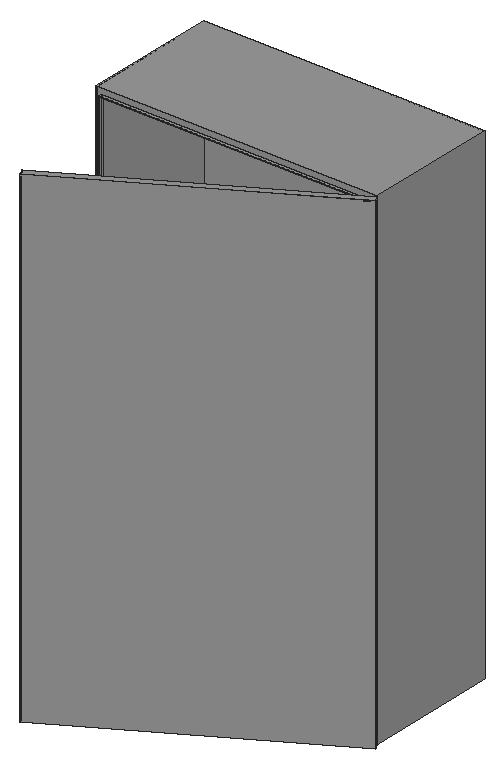
Revit family "Hager-Univers-IP55-D400-H1400-Cl.I-Steel_encl-NoHosted-CH-en", category Equipement électrique, Revit 2020
Family settings
  Configuration du panneau = Deux colonnes, circuits au sein
  Cote de connecteur circulaire = Utiliser le diamètre
  Type d'élément = Tableau de raccordement
  Basée sur le plan de construction = Oui
  Toujours verticalement = Oui
  Couper avec des vides une fois chargée = Non
  Partagée = Non
  Point de calcul de pièce = Non
Parameters (values of type "Surface mounted (plaster) IP55 W800 H1400 D400  - FR93G")
  Width Control [instance] = if([EF000008 - Width] > Min Width, [EF000008 - Width], Min Width)  # 800 mm
  Commentaires du type = [HG000003 - Range]  # "Univers"
  Thickness Door [instance] = if([EF009171 - Material plate thickness door/cover] > 3 mm, 3 mm, [EF009171 - Material plate thickness door/cover])  # 1.5 mm
  Seal Frame Offset [instance] = 17 mm  # constant formula
  Plinth Visibility [instance] = [HG000027 - Plinth height] > 0 mm  # no
  Min Width [instance] = 100 mm  # constant formula
  Min Depth [instance] = (2 * [EF009170 - Material plate thickness cabinet]) + 1 mm  # 4 mm
  Min Height [instance] = 100 mm  # constant formula
  Internal Frame Depth [instance] = (Door System Depth * 0.5)  # 9 mm
  Panel Name [instance] = ""  # (empty or 0)
  Model = ""
  HG000027 - Plinth height = 0 mm
  HG000026 - Floor standing = no
  HG000024 - Bottom section height = 600 mm
  HG000023 - Double section enclosure = no
  HG000016 - Door 3d visibility [instance] = yes
  HG000015 - Clearance visibility [instance] = no
  HG000014 - Door on the right [instance] = yes
  HG000013 - Door on the left [instance] = not([HG000014 - Door on the right])  # no
  HG000012 - Door swing angle [instance] = 30.00°
  HG000010 - Asymmetric doors = no
  HG000009 - Double swing door = no
  HG000006 - Flush mounted = no
  HG000004 - Manufacturer reference = "FR93G"
  HG000003 - Range = "Univers"
  HG000002 - With door or cover = yes
  Frame Offset Bottom [instance] = 10 mm  # constant formula
  Frame Offset [instance] = 15 mm  # constant formula
  EF015940 - Cover with overpressure release = no
  EF011959 - Degree of protection (NEMA) = ""
  EF009554 - Number of openings for flange plates = 6
  EF009212 - Cover model = "EV000116 - Closed"
  EF009171 - Material plate thickness door/cover = 1.5 mm
  EF009170 - Material plate thickness cabinet = 1.5 mm
  EF008873 - Nominal current (In) = 800 A
  EF007800 - Suitable for lightning protection = no
  EF006306 - With lock = no
  EF006244 - Transparent cover/door = no
  EF005474 - Degree of protection (IP) = "EV006420 - IP55"
  EF004464 - Type of door = "EV002646 - Single"
  EF004427 - Number of modules = 324
  EF004293 - Impact strength = "EV008784 - IK10"
  EF003532 - Suitable for outdoor use = no
  EF002950 - Width in number of modular spacings = 24
  EF001613 - Circuit integrity = "EV000494 - None"
  EF001596 - Material housing = "EV000179 - Steel"
  EF001131 - Internal depth = 400 mm
  EF001088 - Extension possible = yes
  EF000437 - Number of conduit inlets = 6
  EF000339 - Type of cover = "EV004216 - Door"
  EF000266 - Number of rows = 9
  EF000218 - Built-in depth = 0 mm
  EF000118 - With mounting plate = no
  EF000116 - RAL-number = "7035"
  EF000049 - Depth = 400 mm
  EF000040 - Height = 1400 mm
  EF000008 - Width = 800 mm
  EF000007 - Colour = "EV000270 - Grey"
  EF000003 - Mounting method = "EV000384 - Surface mounted (plaster)"
  Door System Leaf Tolerance [instance] = 1.5 mm  # constant formula
  Door System Depth [instance] = 18 mm  # constant formula
  Door Height [instance] = Height Control - [HG000027 - Plinth height]  # 1400 mm
  Description = ""
  Default Elevation = 1219.2 mm
  Connector Offset [instance] = Height Control / 2  # 700 mm
  Fabricant = "Hager"  # constant formula
  Height Control [instance] = if([EF000040 - Height] > Min Height, [EF000040 - Height], Min Height)  # 1400 mm
  Depth Control [instance] = if([EF000049 - Depth] > Min Depth, [EF000049 - Depth], Min Depth)  # 400 mm
  Bottom Top Plate Trim [instance] = 1.5 mm  # constant formula
  Plinth height Ctrl [instance] = if([HG000027 - Plinth height] > 0 mm, [HG000027 - Plinth height], 12 mm)  # 12 mm
Types (3, lengths in mm): name | Width Control | HG000009 - Double swing door | HG000004 - Manufacturer reference | EF009554 - Number of openings for flange plates | EF004464 - Type of door | EF004427 - Number of modules | EF000437 - Number of conduit inlets | EF000008 - Width
  Surface mounted (plaster) IP55 W1050 H1400 D400  - FR94G | 1050 | yes | "FR94G" | 8 | "EV003602 - Double" | 432 | 8 | 1050
  Surface mounted (plaster) IP55 W550 H1400 D400  - FR92G | 550 | no | "FR92G" | 4 | "EV002646 - Single" | 216 | 4 | 550
  Surface mounted (plaster) IP55 W800 H1400 D400  - FR93G | 800 | no | "FR93G" | 6 | "EV002646 - Single" | 324 | 6 | 800
Reference planes
  plane 1 "Center (Front/Back)": y = 0
  plane 2: z = 0
  plane 3 "Center (Left/Right)": x = 0
  plane 4: y = 0
  plane 5: y = 0
  plane 6: z = 0
  plane 7: x = -400
  plane 8: x = 400
  plane 9: x = 398.5
  plane 10: x = -398.5
  plane 11: z = 0
  plane 12: z = 1.5
  plane 13: y = -400
  plane 14: y = -1.5
  plane 15: x = 0
  plane 16: y = -382
  plane 17: y = -398.5
  plane 18: y = -380.5
  plane 19: x = -383.5
  plane 20: x = 383.5
  plane 21: z = 11.5
  plane 22: x = -383
  plane 23: x = 383
  plane 24: z = 0
  plane 25: z = 1400
  plane 26: z = 1400
  plane 27: z = 1383.5
  plane 28: z = 1398.5
Forms (mm)
  Extrusion 1, solid, material "Hager_Steel_RAL7035_Light_Grey", detail levels medium+fine
    sketch origin (-208.679, -4572, 0) x (-1, 0, 0) y (0, -1, 0)
      loop
        line (191.321, -4190) -> (-608.679, -4190) -> (-608.679, -4572) -> (191.321, -4572) -> (191.321, -4190)
    from 0 to 1400
  Extrusion 2, void
    sketch origin (-350.771, -400, 1219.2) x (1, 0, 0) y (0, 0, 1)
      loop
        line (-47.729, 179.3) -> (-47.729, -1217.7) -> (749.271, -1217.7) -> (749.271, 179.3) -> (-47.729, 179.3)
    from -19.5 to -398.5
  Extrusion 3, void
    sketch origin (-290.084, -382, 1219.2) x (1, 0, 0) y (0, 0, 1)
      loop
        line (-93.416, -1207.7) -> (673.584, -1207.7) -> (673.584, 164.3) -> (-93.416, 164.3) -> (-93.416, -1207.7)
    from 0 to -1.5
  Extrusion 4, solid, material "Hager_Steel_RAL7035_Light_Grey", visible <- "Plinth Visibility", detail levels medium+fine
    sketch origin (0, 0, 0) x (1, 0, 0) y (0, 1, 0)
      loop
        line (-400, 0) -> (-400, -382) -> (400, -382) -> (400, 0) -> (-400, 0)
    from 0 to 12 <- "Plinth height Ctrl"
  Extrusion 5, solid, material "Hager_Steel_RAL7035_Light_Grey", detail levels coarse
    sketch origin (0, 0, 0) x (1, 0, 0) y (0, 1, 0)
      loop
        line (-400, 0) -> (-400, -400) -> (400, -400) -> (400, 0) -> (-400, 0)
    from 0 to 1400 <- "Height Control"
  Sweep 6, void
    path in 3D
      loop
        line (-400, -382, 12) -> (400, -382, 12) -> (400, 0, 12) -> (-400, 0, 12) -> (-400, -382, 12)
    profile origin (-400, -191, 12) x (1, 0, 0) y (0, 0, 1)
      loop
        line (0, 0) -> (0, -1.5) -> (1.5, -1.5)
        arc (1.5, -1.5) -> (1.061, -0.439) -> (0, 0) r 1.5
  Extrusion 7, solid, material "Hager_Steel_RAL7035_Light_Grey", detail levels fine
    sketch origin (-400, -382, 0) x (1, 0, 0) y (0, 0, 1)
      loop
        line (16.5, 11.5) -> (783.5, 11.5) -> (783.5, 1383.5) -> (16.5, 1383.5) -> (16.5, 11.5)
      loop
        line (15, 10) -> (785, 10) -> (785, 1385) -> (15, 1385) -> (15, 10)
    from 0 to 9 <- "Internal Frame Depth"
Cuts and joins
  Extrusion 2, Extrusion 3 cuts Extrusion 1
  Sweep 6 cuts Extrusion 4
Lines and regions (mm)
  Masking region 1
    outline origin (0, 0, 0) x (1, 0, 0) y (0, 1, 0)
      loop
        line (-400, 0) -> (-400, -400) -> (400, -400) -> (400, 0) -> (-400, 0)
  Masking region 2, detail levels coarse
    outline origin (-290.084, -382, 1219.2) x (-1, 0, 0) y (0, 0, 1)
      loop
        line (-690.084, -1219.2) -> (109.916, -1219.2) -> (109.916, 180.8) -> (-690.084, 180.8) -> (-690.084, -1219.2)
  Masking region 3, detail levels coarse
    outline origin (0, 0, 0) x (0, 1, 0) y (0, 0, 1)
      loop
        line (0, 0) -> (0, 1400) -> (-400, 1400) -> (-400, 0) -> (0, 0)
  Masking region 4, visible <- "Plinth Visibility", detail levels medium+fine
    outline origin (0, 0, 0) x (0, 1, 0) y (0, 0, 1)
      loop
        line (-1.5, 12) -> (-380.5, 12)
        arc (-380.5, 12) -> (-380.939, 10.939) -> (-382, 10.5) r 1.5
        line (-382, 10.5) -> (-382, 0) -> (0, 0) -> (0, 10.5)
        arc (0, 10.5) -> (-1.061, 10.939) -> (-1.5, 12) r 1.5
  Masking region 5, detail levels medium+fine
    outline origin (0, 0, 594.038) x (0, 1, 0) y (0, 0, 1)
      loop
        line (0, -594.038) -> (0, 805.962) -> (-382, 805.962) -> (-382, -594.038) -> (0, -594.038)
  Masking region 6, detail levels medium+fine
    outline origin (-359.7, -382, 1211.883) x (-1, 0, 0) y (0, 0, 1)
      loop
        line (-759.7, -1211.883) -> (40.3, -1211.883) -> (40.3, 188.117) -> (-759.7, 188.117) -> (-759.7, -1211.883)
  Masking region 7, visible <- "Plinth Visibility", detail levels medium+fine
    outline origin (-320.334, -382, 1041.368) x (-1, 0, 0) y (0, 0, 1)
      loop
        line (-720.334, -1041.368) -> (79.666, -1041.368) -> (79.666, -1030.868)
        arc (79.666, -1030.868) -> (78.606, -1030.429) -> (78.166, -1029.368) r 1.5
        line (78.166, -1029.368) -> (-718.834, -1029.368)
        arc (-718.834, -1029.368) -> (-719.273, -1030.429) -> (-720.334, -1030.868) r 1.5
        line (-720.334, -1030.868) -> (-720.334, -1041.368)
  sketch lines
    curve 1: line (-400, 0, 12) -> (-400, -382, 12)
    curve 2: line (-400, -382, 12) -> (400, -382, 12)
    curve 3: line (400, 0, 12) -> (-400, 0, 12)
    curve 4: line (400, -382, 12) -> (400, 0, 12)
Dimensions and locks
  locked: plane 1 "Center (Front/Back)" to plane 5
  "EF009170 - Material plate thickness cabinet": plane 7 to plane 10
  "EF009170 - Material plate thickness cabinet": plane 8 to plane 9
  equal spacing: plane 7, plane 3 "Center (Left/Right)", plane 8
  "Width Control": plane 7 to plane 8
  "Depth Control": plane 4 to plane 13
  "EF009170 - Material plate thickness cabinet": plane 4 to plane 14
  "Height Control": plane 25 to level
  "HG000027 - Plinth height": plane 11 to level
  "EF009170 - Material plate thickness cabinet": plane 12 to plane 11
  "EF009170 - Material plate thickness cabinet": plane 17 to plane 13
  "EF009170 - Material plate thickness cabinet": plane 18 to plane 16
  "Frame Offset Bottom": plane 21 to plane 12
  "Frame Offset": plane 10 to plane 19
  "Frame Offset": plane 9 to plane 20
  "Door System Depth": plane 16 to plane 13
  "Seal Frame Offset": plane 7 to plane 22
  "Seal Frame Offset": plane 8 to plane 23
  "EF009170 - Material plate thickness cabinet": plane 26 to plane 28
  "Frame Offset": plane 28 to plane 27
  "Connector Offset": plane 2 to connector elem
  "Bottom Top Plate Trim": profile plane to Sweep 6 sketch curve
  "Bottom Top Plate Trim": Sweep 6 sketch curve to Sweep 6 sketch curve
  "Plinth height Ctrl": Masking region 4 sketch curve to level
  "Plinth height Ctrl": Masking region 7 sketch curve to level
  "Thickness Door": Extrusion 7 sketch curve to Extrusion 7 sketch curve  (x4)
  "Bottom Top Plate Trim": radius of Sweep 6 sketch curve
  "Bottom Top Plate Trim": radius of Masking region 4 sketch curve  (x2)
  "Bottom Top Plate Trim": radius of Masking region 7 sketch curve  (x2)
  aligned and locked: Extrusion 2 sketch curve to plane 12
  aligned and locked: Extrusion 2 sketch curve to plane 9
  aligned and locked: Extrusion 2 sketch curve to plane 10
  aligned and locked: Extrusion 2 to plane 14
  aligned and locked: Extrusion 1 sketch curve to plane 4
  aligned and locked: plane 8 to Extrusion 1 sketch curve
  aligned and locked: plane 7 to Extrusion 1 sketch curve
  aligned and locked: Extrusion 2 to plane 18
  aligned and locked: Extrusion 3 sketch curve to plane 19
  aligned and locked: plane 20 to Extrusion 3 sketch curve
  aligned and locked: Extrusion 3 to Extrusion 2
  aligned and locked: Extrusion 3 sketch curve to plane 21
  aligned and locked: plane 3 "Center (Left/Right)" to nested 1
  aligned and locked: Extrusion 1 sketch curve to plane 16
  aligned and locked: Extrusion 4 sketch curve to cut or joined group of Extrusion 1, Extrusion 2, Extrusion 3
  aligned and locked: Masking region 1 sketch curve to plane 7
  aligned and locked: Masking region 1 sketch curve to plane 5
  aligned and locked: Masking region 1 sketch curve to plane 8
  aligned and locked: Masking region 2 sketch curve to level
  aligned and locked: level to Masking region 3 sketch curve
  aligned and locked: plane 1 "Center (Front/Back)" to Masking region 3 sketch curve
  aligned and locked: plane 13 to Masking region 3 sketch curve
  aligned and locked: plane 5 to Masking region 4 sketch curve
  aligned and locked: Masking region 2 sketch curve to plane 8
  aligned and locked: Masking region 2 sketch curve to plane 7
  aligned and locked: plane 7 to nested 2
  aligned and locked: nested 2 to plane 5
  aligned and locked: plane 5 to Masking region 5 sketch curve
  aligned and locked: plane 26 to Masking region 5 sketch curve
  aligned and locked: Extrusion 5 sketch curve to plane 8
  aligned and locked: Extrusion 5 sketch curve to plane 7
  aligned and locked: Extrusion 5 sketch curve to plane 5
  aligned and locked: Extrusion 3 sketch curve to plane 27
  aligned and locked: Extrusion 2 sketch curve to plane 28
  aligned and locked: Masking region 2 to plane 25
  aligned and locked: Extrusion 4 to plane 16
  aligned and locked: profile plane to Sweep 6 sketch curve
  aligned and locked: Masking region 5 sketch curve to plane 24
  aligned and locked: level to Masking region 4 sketch curve
  aligned and locked: Masking region 1 to plane 13
  aligned and locked: nested 1 to plane 16
  aligned and locked: Masking region 3 to plane 25
  aligned and locked: plane 16 to Masking region 4 sketch curve
  aligned and locked: Masking region 5 sketch curve to plane 16
  aligned and locked: plane 24 to plane 11
  aligned and locked: plane 26 to plane 25
  aligned and locked: plane 26 to cut or joined group of Extrusion 1, Extrusion 2, Extrusion 3
  aligned and locked: nested 1 to plane 24
  aligned and locked: Extrusion 1 to Extrusion 3
  aligned and locked: Masking region 6 sketch curve to plane 8
  aligned and locked: Masking region 6 sketch curve to plane 24
  aligned and locked: Masking region 6 sketch curve to plane 7
  aligned and locked: Masking region 6 sketch curve to plane 26
  aligned and locked: Masking region 7 sketch curve to plane 7
  aligned and locked: level to Masking region 7 sketch curve
  aligned and locked: Masking region 7 sketch curve to plane 8
  aligned and locked: Extrusion 7 sketch curve to cut or joined group of Extrusion 1, Extrusion 2, Extrusion 3  (x4)
Automatic sketch dimensions
  plane 19 to Extrusion 3 sketch curve = 0 mm
  Extrusion 3 sketch curve to plane 20 = 0 mm
  Extrusion 3 sketch curve to plane 21 = 0 mm
  Extrusion 4 sketch curve to plane 7 = 0 mm
  Extrusion 4 sketch curve to plane 8 = 0 mm
  Extrusion 4 sketch curve to plane 16 = 0 mm
  Masking region 1 sketch curve to plane 13 = 0 mm
  Masking region 2 sketch curve to plane 25 = 0 mm
  Masking region 3 sketch curve to plane 25 = 0 mm
  Extrusion 5 sketch curve to plane 13 = 0 mm
  profile plane to Sweep 6 sketch curve = 0 mm
Nested families
  nested 1: "EC000058_Univers_Door" at (0, -382, 0), Double <- "HG000009 - Double swing door", Transparent <- "EF006244 - Transparent cover/door", Angle <- "HG000012 - Door swing angle", Door_Right <- "HG000014 - Door on the right", Assymetrical <- "HG000010 - Asymmetric doors", Door <- "HG000002 - With door or cover", Width_Ctrl <- "Width Control", 3d_Door <- "HG000016 - Door 3d visibility", Clearance <- "HG000015 - Clearance visibility", Door_Left <- "HG000013 - Door on the left", Width <- "Width Control", Door_Depth <- "Door System Depth", Leaf_Tolerance <- "Door System Leaf Tolerance", Height <- "Door Height", Lock_Visibility <- "EF006306 - With lock", Thickness <- "Thickness Door", type "EC000058_Univers_Door", detail levels medium+fine
    with min_wh 4 mm, Width_Ctrl 800 mm, Width 800 mm, Transparent no, Thickness 1.5 mm, Seal_Material Hager_Rubber, Lock_Visibility no, Lock_Material Hager_Plastic_RAL9005_Jet_Black, Leaf_Width 800 mm, Leaf_Tolerance_External_Sides 0 mm, Leaf_Tolerance 1.5 mm, Leaf_Offset 0 mm, Leaf_Height 1397 mm, Leaf_2_Width 800 mm, Leaf_2_Offset 400 mm, Leaf_1_Width 800 mm, Leaf_1_Offset 400 mm, Height_Ctrl 1400 mm, Height 1400 mm, Glass_Material Hager_Glass, Double_Clearance_Ctrl no, Double no, Door_Right_Ctrl yes, Door_Right yes, Door_Material Hager_Steel_RAL7035_Light_Grey, Door_Left_Ctrl no, Door_Left no, Door_Depth 18 mm, Door yes, Clearance_Material Hager_Clearance, Clearance_Depth 800 mm, Clearance_Ctrl no, Clearance no, Assymetrical no, Angle 30.00°, 3d_Door yes
  nested 2: "Hager_Enclosure_Symbol" at (-400, 0, 0), Height <- "Depth Control", Width <- "Width Control", type "Hager_Enclosure_Symbol"
    with Width_Ctrl 800 mm, Width 800 mm, Height_Ctrl 400 mm, Height 400 mm, A_Width_Int 26.25 mm, A_Width 315 mm, A_Height_Ctrl 350 mm, A_Height 350 mm
Connectors
  electrical at (0, 0, 700)
    settings: on plane 1 "Center (Front/Back)", index 1, voltage 0 V, apparent load 0 VA, apparent load phase1 0 VA, apparent load phase2 0 VA, apparent load phase3 0 VA, power factor 1, load classification "Other", number of poles 1, system type 30, power factor state 1, is connector primary yes, connector utility no, sub classification motor no, connector description ""
Definition of nested family "EC000058_Univers_Door"
  Parameters (values of type "EC000058_Univers_Door")
    min_wh [instance] = (2 * Thickness) + 1 mm  # 11 mm
    Width_Ctrl [instance] = 400 mm
    Width [instance] = 500 mm
    Transparent [instance] = yes
    Thickness [instance] = 5 mm
    Seal_Material [instance] = none
    Lock_Visibility [instance] = yes
    Lock_Material [instance] = none
    Leaf_Width [instance] = if((Width_Ctrl - 2 * Leaf_Tolerance_External_Sides) > 0 mm, (Width_Ctrl - 2 * Leaf_Tolerance_External_Sides), min_wh)  # 400 mm
    Leaf_Tolerance_External_Sides [instance] = 0 mm  # constant formula
    Leaf_Tolerance [instance] = 1.5 mm
    Leaf_Offset [instance] = 0 mm  # constant formula
    Leaf_Height [instance] = if((Height_Ctrl - 2 * Leaf_Tolerance) > 0 mm, (Height_Ctrl - 2 * Leaf_Tolerance), min_wh)  # 497 mm
    Leaf_2_Width [instance] = if(and(and(Double, Assymetrical), Door_Left), (Leaf_Width / 3) - (Leaf_Tolerance / 2), if(and(and(Double, Assymetrical), Door_Right), (Leaf_Width / 3) * 2 - (Leaf_Tolerance / 2), if(and(Double, not(Assymetrical)), (Leaf_Width / 2) - Leaf_Tolerance, Leaf_Width)))  # 400 mm
    Leaf_2_Offset [instance] = if(and(Double, Assymetrical), Leaf_2_Width / 2, if(and(Double, not(Assymetrical)), Leaf_Width / 4, Leaf_Width / 2))  # 200 mm
    Leaf_1_Width [instance] = if(and(and(Double, Assymetrical), Door_Right), (Leaf_Width / 3) - (Leaf_Tolerance / 2), if(and(and(Double, Assymetrical), Door_Left), (Width / 3) * 2 - (Leaf_Tolerance / 2), if(and(Double, not(Assymetrical)), (Leaf_Width / 2) - Leaf_Tolerance, Leaf_Width)))  # 400 mm
    Leaf_1_Offset [instance] = if(and(Double, Assymetrical), Leaf_1_Width / 2, if(and(Double, not(Assymetrical)), Leaf_Width / 4, Leaf_Width / 2))  # 200 mm
    Height_Ctrl [instance] = if(Height > min_wh, Height, min_wh)  # 500 mm
    Height [instance] = 500 mm
    Glass_Material [instance] = none
    Double_Clearance_Ctrl [instance] = and(Double, Clearance)  # no
    Double [instance] = no
    Door_Right_Ctrl [instance] = and(or(Door_Right, Double), Door)  # yes
    Door_Right [instance] = yes
    Door_Material [instance] = none
    Door_Left_Ctrl [instance] = and(or(Door_Left, Double), Door)  # no
    Door_Left [instance] = no
    Door_Depth [instance] = 30 mm
    Door [instance] = yes
    Default Elevation = 1219.2 mm
    Clearance_Material [instance] = none
    Clearance_Depth [instance] = if(Leaf_1_Width > Leaf_2_Width, Leaf_1_Width, Leaf_2_Width)  # 400 mm
    Clearance_Ctrl [instance] = and(not(Double), Clearance)  # yes
    Clearance [instance] = yes
    Assymetrical [instance] = yes
    Angle [instance] = 30.00°
    3d_Door [instance] = yes
  Reference planes
    plane 1 "Center (Front/Back)": y = 0
    plane 2 "Bottom": z = 0
    plane 3 "Center (Left/Right)": x = 0
    plane 4: z = 500
    plane 5: x = -200
    plane 6: x = 200
    plane 7: z = 500
    plane 8: x = -200
    plane 9: z = 0
    plane 10: x = 200
    plane 11: y = 0
    plane 12: z = 1.5
    plane 13: x = -600
    plane 14: y = -400
    plane 15: x = 600
    plane 16: x = 0
    plane 17: x = 0
    plane 18: x = -200
    plane 19: x = 200
    plane 20: z = 498.5
  Forms (mm)
    Extrusion 1, solid, material <- "Clearance_Material", visible <- "Double_Clearance_Ctrl"
      sketch origin (1200, 0, 0) x (1, 0, 0) y (0, 0, -1)
        loop
          line (-1800, -498.5) -> (-600, -498.5) -> (-600, 0) -> (-1800, 0) -> (-1800, -498.5)
      from 0 to -400
  Dimensions and locks
    equal spacing: plane 5, plane 3 "Center (Left/Right)", plane 6
    "Width_Ctrl": plane 5 to plane 6
    "Leaf_Offset": plane 5 to plane 8
    "Leaf_Offset": plane 6 to plane 10
    "Leaf_Offset": plane 9 to level
    "Leaf_Offset": plane 4 to plane 7
    "Height_Ctrl": plane 4 to level
    "Leaf_Tolerance": plane 12 to plane 9
    locked: plane 11 to plane 1 "Center (Front/Back)"
    "Leaf_1_Offset": plane 18 to plane 16
    "Leaf_2_Offset": plane 17 to plane 19
    "Leaf_1_Width": plane 13 to plane 8
    "Leaf_2_Width": plane 10 to plane 15
    "Clearance_Depth": plane 14 to plane 1 "Center (Front/Back)"
    "Leaf_Tolerance_External_Sides": plane 8 to plane 18
    "Leaf_Tolerance_External_Sides": plane 19 to plane 10
    "Leaf_Tolerance": plane 7 to plane 20
    aligned and locked: level to plane 2 "Bottom"
    aligned and locked: nested 1 to plane 16
    aligned and locked: nested 2 to plane 17
    aligned and locked: Extrusion 1 to plane 13
    aligned and locked: plane 15 to Extrusion 1
    aligned and locked: Extrusion 1 to plane 14
    aligned and locked: plane 12 to nested 1
    aligned and locked: nested 2 to plane 12
    aligned and locked: Extrusion 1 to plane 11
    aligned and locked: plane 20 to Extrusion 1
    aligned and locked: nested 2 to plane 11
    aligned and locked: nested 1 to plane 11
  Automatic sketch dimensions
    Extrusion 1 sketch curve to level = 0 mm
    plane 5 to Extrusion 1 sketch curve = 400 mm
    plane 6 to Extrusion 1 sketch curve = 400 mm
    Extrusion 1 sketch curve to plane 4 = 1.5 mm
  Nested families
    nested 1: "EC000058_Univers_Door_Leaf" at (0, 0, 1.5), Width <- "Leaf_1_Width", visible <- "Door_Left_Ctrl", Leaf_Height <- "Leaf_Height", Angle <- "Angle", 3d_Door <- "3d_Door", Transparent <- "Transparent", Clearance Material <- "Clearance_Material", Clearance <- "Clearance_Ctrl", Door_Material <- "Door_Material", Glass_Material <- "Glass_Material", Door_Depth <- "Door_Depth", Lock_Material <- "Lock_Material", Seal_Material <- "Seal_Material", Lock_Visibility <- "Lock_Visibility", Thickness <- "Thickness", type "EC000058_Univers_Door_Leaf"
      with Width 400 mm, Transparent_Glass_Offset 30 mm, Transparent_Ctrl yes, Transparent yes, Thickness 5 mm, Standard no, Seal_Material none, Seal_D2 8 mm, Seal_D1 1 mm, Offset_Internal_Frame 10 mm, Lock_Width 20 mm, Lock_Visibility_3d yes, Lock_Visibility yes, Lock_Thickness_3 3 mm, Lock_Thickness_2 1 mm, Lock_Thickness_1 3 mm, Lock_Radius_Offset_2 16 mm, Lock_Radius_Offset_1 15 mm, Lock_Radius_2 5 mm, Lock_Radius 6 mm, Lock_Offset 5 mm, Lock_Material none, Lock_Height 80 mm, Lock_Cover_Top_Offset_2d 17 mm, Lock_Cover_Height -65 mm, Leaf_Height 497 mm, Internal_Seal_Thickness 8 mm, Internal_Seal_Depth_2 4.5 mm, Internal_Frame_Depth 25 mm, Glass_Thickness -1 mm, Glass_Offset -2 mm, Glass_Material none, Door_Material none, Door_Depth 30 mm, Clearance Material none, Clearance yes, Angle_Ctrl 30.00°, Angle 30.00°, 3d_Door yes
    nested 2: "EC000058_Univers_Door_Leaf" at (0, 0, 1.5) x (-1, 0, 0) z (0, 0, 1), Width <- "Leaf_2_Width", visible <- "Door_Right_Ctrl", Leaf_Height <- "Leaf_Height", Angle <- "Angle", 3d_Door <- "3d_Door", Transparent <- "Transparent", Clearance Material <- "Clearance_Material", Clearance <- "Clearance_Ctrl", Door_Material <- "Door_Material", Glass_Material <- "Glass_Material", Door_Depth <- "Door_Depth", Lock_Material <- "Lock_Material", Seal_Material <- "Seal_Material", Lock_Visibility <- "Lock_Visibility", Thickness <- "Thickness", type "EC000058_Univers_Door_Leaf"
      with Width 400 mm, Transparent_Glass_Offset 30 mm, Transparent_Ctrl yes, Transparent yes, Thickness 5 mm, Standard no, Seal_Material none, Seal_D2 8 mm, Seal_D1 1 mm, Offset_Internal_Frame 10 mm, Lock_Width 20 mm, Lock_Visibility_3d yes, Lock_Visibility yes, Lock_Thickness_3 3 mm, Lock_Thickness_2 1 mm, Lock_Thickness_1 3 mm, Lock_Radius_Offset_2 16 mm, Lock_Radius_Offset_1 15 mm, Lock_Radius_2 5 mm, Lock_Radius 6 mm, Lock_Offset 5 mm, Lock_Material none, Lock_Height 80 mm, Lock_Cover_Top_Offset_2d 17 mm, Lock_Cover_Height -65 mm, Leaf_Height 497 mm, Internal_Seal_Thickness 8 mm, Internal_Seal_Depth_2 4.5 mm, Internal_Frame_Depth 25 mm, Glass_Thickness -1 mm, Glass_Offset -2 mm, Glass_Material none, Door_Material none, Door_Depth 30 mm, Clearance Material none, Clearance yes, Angle_Ctrl 30.00°, Angle 30.00°, 3d_Door yes
  Definition of nested family "EC000058_Univers_Door_Leaf"
    Parameters (values of type "EC000058_Univers_Door_Leaf")
      Width [instance] = 2000 mm
      Transparent_Glass_Offset [instance] = 30 mm
      Transparent_Ctrl [instance] = and(Transparent, [3d_Door])  # yes
      Transparent [instance] = yes
      Thickness [instance] = 5 mm
      Standard [instance] = and(not(Transparent), [3d_Door])  # no
      Seal_Material [instance] = none
      Seal_D2 [instance] = 8 mm  # constant formula
      Seal_D1 [instance] = 1 mm  # constant formula
      Offset_Internal_Frame [instance] = 10 mm  # constant formula
      Lock_Width [instance] = 20 mm  # constant formula
      Lock_Visibility_3d [instance] = and(Lock_Visibility, [3d_Door])  # yes
      Lock_Visibility [instance] = yes
      Lock_Thickness_3 [instance] = 3 mm  # constant formula
      Lock_Thickness_2 [instance] = 1 mm  # constant formula
      Lock_Thickness_1 [instance] = 3 mm  # constant formula
      Lock_Radius_Offset_2 [instance] = Lock_Radius_Offset_1 + 1 mm  # 16 mm
      Lock_Radius_Offset_1 [instance] = 15 mm  # constant formula
      Lock_Radius_2 [instance] = Lock_Radius - 1 mm  # 5 mm
      Lock_Radius [instance] = 6 mm  # constant formula
      Lock_Offset [instance] = 5 mm  # constant formula
      Lock_Material [instance] = none
      Lock_Height [instance] = 80 mm  # constant formula
      Lock_Cover_Top_Offset_2d [instance] = Lock_Radius_Offset_2 + 1 mm  # 17 mm
      Lock_Cover_Height [instance] = -(Lock_Height - Lock_Radius_Offset_1)  # -65 mm
      Leaf_Height [instance] = 2720.336 mm
      Internal_Seal_Thickness [instance] = 8 mm  # constant formula
      Internal_Seal_Depth_2 [instance] = 4.5 mm  # constant formula
      Internal_Frame_Depth [instance] = if(Door_Depth - Thickness > 5 mm, Door_Depth - Thickness, 5 mm)  # 25 mm
      Glass_Thickness [instance] = if(Thickness > 15 mm, Glass_Offset + 10 mm, -1 mm)  # -1 mm
      Glass_Offset [instance] = if(Thickness > 15 mm, -(Thickness + 10 mm) / 2, -2 mm)  # -2 mm
      Glass_Material [instance] = none
      Door_Material [instance] = none
      Door_Depth [instance] = 30 mm
      Default Elevation = 0 mm
      Clearance Material [instance] = none
      Clearance [instance] = yes
      Angle_Ctrl [instance] = if(Angle > 180.00°, 180.00°, Angle)  # 90.00°
      Angle [instance] = 90.00°
      3d_Door [instance] = yes
    Reference planes
      plane 1 "Center (Front/Back)": y = 0
      plane 2: z = 0
      plane 3 "Center (Left/Right)": x = 0
      plane 4: y = 2000
      plane 5: x = -1000
      plane 6: x = 1000
      plane 7: x = -3000
      plane 8: z = 2720.336
      plane 9: z = 30
      plane 10: z = 2690.336
      plane 11: x = 970
      plane 12: x = -970
      plane 13: y = -3
      plane 14: z = 107.833
      plane 15: y = -5
      plane 16: y = -223.314
      plane 17: x = -1000
      plane 18: z = 1360.168
      plane 19: y = 30
    Forms (mm)
      Extrusion 1, solid, material <- "Clearance Material", visible <- "Clearance"
        sketch origin (0, 0, 0) x (1, 0, 0) y (0, 0, 1)
          loop
            line (-3000, 2720.336) -> (-3000, 0) -> (1000, 0) -> (1000, 2720.336) -> (-3000, 2720.336)
        from 0 to -2000
      Extrusion 2, solid, material <- "Door_Material", visible <- "Standard", detail levels medium+fine
        sketch origin (-1000, 0, 0) x (0, 1, 0) y (-1, 0, 0)
          loop
            line (0, 30) -> (0, 25) -> (2000, 25) -> (2000, 30) -> (0, 30)
        from 0 to 2720.336 <- "Leaf_Height"
      Extrusion 3, solid, material <- "Door_Material", visible <- "Transparent_Ctrl", detail levels medium+fine
        sketch origin (-1000, 0, 0) x (0, 1, 0) y (-1, 0, 0)
          loop
            line (0, 25) -> (2000, 25) -> (2000, 30) -> (0, 30) -> (0, 25)
        from 0 to 2720.336 <- "Leaf_Height"
      Extrusion 4, void
        sketch origin (-1025, 2000, 0) x (0, 1, 0) y (0, 0, -1)
          loop
            line (-30, -2690.336) -> (-30, -30) -> (-1970, -30) -> (-1970, -2690.336) -> (-30, -2690.336)
        from 0 to 5 <- "Thickness"
      Sweep 5, solid, material <- "Seal_Material", visible <- "Transparent_Ctrl", detail levels fine
        path in 3D
          loop
            line (-1025, 30, 30) -> (-1025, 30, 2690.336) -> (-1025, 1970, 2690.336) -> (-1025, 1970, 30) -> (-1025, 30, 30)
        profile origin (-1025, 1000, 30) x (1, 0, 0) y (0, 0, 1)
          loop
            line (0, 0) -> (0, -8) -> (1, -8) -> (1, 0) -> (0, 0)
      Extrusion 6, solid, material <- "Glass_Material", visible <- "Transparent_Ctrl", detail levels medium+fine
        sketch origin (-1030, 0, 0) x (0, 1, 0) y (0, 0, -1)
          loop
            line (1970, -2690.336) -> (1970, -30) -> (30, -30) -> (30, -2690.336) -> (1970, -2690.336)
        from -2 <- "Glass_Offset" to -1 <- "Glass_Thickness"
      Extrusion 7, solid, material <- "Door_Material", visible <- "3d_Door", detail levels medium+fine
        sketch origin (-1025, 2000, 0) x (0, -1, 0) y (0, 0, -1)
          loop
            line (0, -2720.336) -> (2000, -2720.336) -> (2000, 0) -> (0, 0) -> (0, -2720.336)
          loop
            line (1995, -5) -> (5, -5) -> (5, -2715.336) -> (1995, -2715.336) -> (1995, -5)
        from 0 to 25 <- "Internal_Frame_Depth"
      Sweep 8, solid, material <- "Seal_Material", visible <- "Transparent_Ctrl", detail levels fine
        path in 3D
          loop
            line (-1025, 0, 0) -> (-1025, 2000, 0) -> (-1025, 2000, 2720.336) -> (-1025, 0, 2720.336) -> (-1025, 0, 0)
        profile origin (-1025, 0, 1360.168) x (1, 0, 0) y (0, 1, 0)
          loop
            line (0, 10) -> (2.975, 10)
            arc (2.975, 10) -> (4.053, 10.447) -> (4.5, 11.525) r 1.525
            line (4.5, 11.525) -> (4.5, 16.527)
            arc (4.5, 16.527) -> (4.069, 17.569) -> (3.027, 18) r 1.473
            line (3.027, 18) -> (0, 18) -> (0, 10)
      Extrusion 9, solid, material <- "Lock_Material", visible <- "Lock_Visibility_3d", detail levels fine
        sketch origin (-1030, 0, 0) x (0, 1, 0) y (0, 0, -1)
          loop
            arc (1993.5, -1400.168) -> (1994.561, -1399.729) -> (1995, -1398.668) r 1.5
            line (1995, -1398.668) -> (1995, -1320.168) -> (1975, -1320.168) -> (1975, -1398.668)
            arc (1975, -1398.668) -> (1975.439, -1399.729) -> (1976.5, -1400.168) r 1.5
            line (1976.5, -1400.168) -> (1993.5, -1400.168)
        from 3 <- "Lock_Thickness_1" to 0
      Blend 10, solid, material <- "Lock_Material", visible <- "Lock_Visibility_3d", detail levels fine
        base sketch origin (-1033, 0, 0) x (0, 1, 0) y (0, 0, -1)
          loop
            line (1975, -1320.168) -> (1975, -1398.668)
            arc (1975, -1398.668) -> (1975.439, -1399.729) -> (1976.5, -1400.168) r 1.5
            line (1976.5, -1400.168) -> (1993.5, -1400.168)
            arc (1993.5, -1400.168) -> (1994.561, -1399.729) -> (1995, -1398.668) r 1.5
            line (1995, -1398.668) -> (1995, -1320.168) -> (1975, -1320.168)
        top sketch origin (-1033, 0, 0) x (0, 1, 0) y (0, 0, -1)
          loop
            line (1976, -1320.168) -> (1976, -1398.668)
            arc (1976, -1398.668) -> (1976.146, -1399.022) -> (1976.5, -1399.168) r 0.5
            line (1976.5, -1399.168) -> (1993.5, -1399.168)
            arc (1993.5, -1399.168) -> (1993.854, -1399.022) -> (1994, -1398.668) r 0.5
            line (1994, -1398.668) -> (1994, -1320.168) -> (1976, -1320.168)
        from 0 to 1 <- "Lock_Thickness_2"
      Blend 11, solid, material <- "Lock_Material", visible <- "Lock_Visibility_3d", detail levels fine
        base sketch origin (-1034, 0, 0) x (0, 1, 0) y (0, 0, -1)
          loop
            line (1978, -1320.168) -> (1978, -1384.168)
            arc (1978, -1384.168) -> (1985, -1391.168) -> (1992, -1384.168) r 7
            line (1992, -1384.168) -> (1992, -1320.168) -> (1978, -1320.168)
        top sketch origin (-1034, 0, 0) x (0, 1, 0) y (0, 0, -1)
          loop
            line (1991, -1320.168) -> (1979, -1320.168) -> (1979, -1383.168)
            arc (1979, -1383.168) -> (1985, -1389.168) -> (1991, -1383.168) r 6
            line (1991, -1383.168) -> (1991, -1320.168)
        from 0 to 3 <- "Lock_Thickness_3"
      Extrusion 12, solid, material <- "Lock_Material", visible <- "Lock_Visibility_3d", detail levels fine
        sketch origin (-1030, 1975, 1320.168) x (1, 0, 0) y (0, -1, 0)
          loop
            line (-7, -19) -> (-7, -1) -> (0, -1) -> (0, 0) -> (-8, 0) -> (-8, -20) -> (0, -20) -> (0, -19) -> (-7, -19)
        from 0 to -65 <- "Lock_Cover_Height"
      Extrusion 13, void
        sketch origin (-1038, 1995, 1320.168) x (-1, 0, 0) y (0, 0, -1)
          loop
            line (-5, -65) -> (0, -65) -> (-5, -60) -> (-5, -65)
        from 0 to 20 <- "Lock_Width"
      Extrusion 14, void
        sketch origin (-1038, 1975, 1320.168) x (0, -1, 0) y (0, 0, -1)
          loop
            circle (-10, -15.995) r 6
          loop
            circle (-10, -15.995) r 5
        from 0 to 2
      Extrusion 15, solid, material <- "Lock_Material", visible <- "Lock_Visibility_3d", detail levels medium
        sketch origin (-1030, 0, 0) x (0, 1, 0) y (0, 0, -1)
          loop
            arc (1993.5, -1400.168) -> (1994.561, -1399.729) -> (1995, -1398.668) r 1.5
            line (1995, -1398.668) -> (1995, -1320.168) -> (1975, -1320.168) -> (1975, -1398.668)
            arc (1975, -1398.668) -> (1975.439, -1399.729) -> (1976.5, -1400.168) r 1.5
            line (1976.5, -1400.168) -> (1993.5, -1400.168)
        from 8 to 0
    Cuts and joins
      Extrusion 4 cuts Extrusion 3
      Extrusion 13, Extrusion 14 cuts Extrusion 9
      Extrusion 14 cuts Blend 11
      Extrusion 13, Extrusion 14 cuts Extrusion 12
      joined: Extrusion 9, Blend 10, Blend 11, Extrusion 12
      Extrusion 14 cuts Extrusion 15
    Lines and regions (mm)
      Masking region 1, visible <- "Lock_Visibility", detail levels fine
        outline origin (0, 0, 0) x (0, 1, 0) y (0, 0, 1)
          loop
            line (30, 1320.168) -> (33, 1320.168) -> (33, 1400.168) -> (30, 1400.168) -> (30, 1320.168)
      Masking region 2, visible <- "Lock_Visibility", detail levels fine
        outline origin (0, 3.143, 0) x (0, 1, 0) y (0, 0, 1)
          loop
            line (29.857, 1354.168) -> (30.857, 1354.168) -> (30.857, 1366.168) -> (29.857, 1366.168) -> (29.857, 1354.168)
      Masking region 3, detail levels medium+fine
        outline origin (0, 0, 0) x (0, 1, 0) y (0, 0, 1)
          loop
            line (0, 0) -> (30, 0) -> (30, 2720.336) -> (0, 2720.336) -> (0, 0)
      Masking region 4, detail levels medium+fine
        outline origin (0, 0, 0) x (1, 0, 0) y (0, 0, 1)
          loop
            line (-1000, 2720.336) -> (-1000, 0) -> (1000, 0) -> (1000, 2720.336) -> (-1000, 2720.336)
      Masking region 5, visible <- "Lock_Visibility", detail levels fine
        outline origin (-47.116, 0, 0) x (1, 0, 0) y (0, 0, 1)
          loop
            arc (1024.616, 1399.168) -> (1023.556, 1398.729) -> (1023.116, 1397.668) r 1.5
            line (1023.116, 1397.668) -> (1023.116, 1320.168) -> (1041.116, 1320.168) -> (1041.116, 1397.668)
            arc (1041.116, 1397.668) -> (1040.677, 1398.729) -> (1039.616, 1399.168) r 1.5
            line (1039.616, 1399.168) -> (1024.616, 1399.168)
      Masking region 6, visible <- "Lock_Visibility", detail levels medium+fine
        outline origin (-25, 0, 0) x (1, 0, 0) y (0, 0, 1)
          loop
            arc (1001.5, 1400.168) -> (1000.439, 1399.729) -> (1000, 1398.668) r 1.5
            line (1000, 1398.668) -> (1000, 1320.168) -> (1020, 1320.168) -> (1020, 1398.668)
            arc (1020, 1398.668) -> (1019.561, 1399.729) -> (1018.5, 1400.168) r 1.5
            line (1018.5, 1400.168) -> (1001.5, 1400.168)
      Masking region 7, visible <- "Lock_Visibility", detail levels fine
        outline origin (-73.735, 0, 0) x (1, 0, 0) y (0, 0, 1)
          loop
            line (1051.735, 1382.168) -> (1065.735, 1382.168) -> (1065.735, 1384.168)
            arc (1065.735, 1384.168) -> (1058.735, 1391.168) -> (1051.735, 1384.168) r 7
            line (1051.735, 1384.168) -> (1051.735, 1382.168)
      Masking region 8, visible <- "Lock_Visibility", detail levels fine
        outline origin (-73.735, 0, 0) x (1, 0, 0) y (0, 0, 1)
          loop
            line (1052.735, 1382.168) -> (1064.735, 1382.168) -> (1064.735, 1383.168)
            arc (1064.735, 1383.168) -> (1058.735, 1389.168) -> (1052.735, 1383.168) r 6
            line (1052.735, 1383.168) -> (1052.735, 1382.168)
      Masking region 9, visible <- "Lock_Visibility", detail levels fine
        outline origin (-25, 0, 0) x (1, 0, 0) y (0, 0, 1)
          loop
            line (1020, 1320.168) -> (1020, 1382.168) -> (1000, 1382.168) -> (1000, 1320.168) -> (1020, 1320.168)
      Masking region 10, detail levels medium+fine
        outline origin (0, 0, 0) x (1, 0, 0) y (0, 0, 1)
          loop
            circle (985, 1335.144) r 6
      Masking region 11, detail levels fine
        outline origin (0, 0, 0) x (1, 0, 0) y (0, 0, 1)
          loop
            circle (985, 1335.144) r 5
      Masking region 12, visible <- "Lock_Visibility", detail levels fine
        outline origin (0, 12.767, 0) x (0, 1, 0) y (0, 0, 1)
          loop
            line (20.233, 1320.168) -> (21.233, 1320.168) -> (21.233, 1399.168) -> (20.233, 1400.168) -> (20.233, 1320.168)
      Masking region 13, visible <- "Lock_Visibility", detail levels fine
        outline origin (0, 13.767, -10) x (0, 1, 0) y (0, 0, 1)
          loop
            line (20.233, 1330.168) -> (23.233, 1330.168) -> (23.233, 1399.168) -> (20.233, 1402.168) -> (20.233, 1330.168)
      Masking region 14, visible <- "Lock_Visibility", detail levels fine
        outline origin (0, 12.767, -10) x (0, 1, 0) y (0, 0, 1)
          loop
            line (20.233, 1330.168) -> (25.233, 1330.168) -> (25.233, 1399.305) -> (20.233, 1394.305) -> (20.233, 1330.168)
      Masking region 15, visible <- "Lock_Visibility", detail levels medium
        outline origin (0, 0, 0) x (0, 1, 0) y (0, 0, 1)
          loop
            line (30, 1320.168) -> (38, 1320.168) -> (38, 1400.168) -> (30, 1400.168) -> (30, 1320.168)
      Masking region 16, visible <- "Lock_Visibility", detail levels fine
        outline origin (-1000, 0, 0) x (0, 1, 0) y (-1, 0, 0)
          loop
            line (1975, 30) -> (1995, 30) -> (1995, 38) -> (1975, 38) -> (1975, 30)
          loop
            line (1979, 37) -> (1976, 37) -> (1976, 34) -> (1978, 34) -> (1979, 37)
          loop
            line (1994, 37) -> (1991, 37) -> (1992, 34) -> (1994, 34) -> (1994, 37)
      Masking region 17, visible <- "Lock_Visibility", detail levels medium
        outline origin (-1000, 0, 0) x (0, 1, 0) y (-1, 0, 0)
          loop
            line (1975, 30) -> (1995, 30) -> (1995, 38) -> (1975, 38) -> (1975, 30)
      symbolic lines
        curve 1: line (1000, 0, 0) -> (-3000, 0, 0)
        curve 2: arc (1000, 0, 0) -> (-1000, 2000, 0) -> (-3000, 0, 0) r 2000
        curve 4: line (-1030, 0, 0) -> (-1030, 2000, 0)
      reference lines
        curve 3: line (-1000, 0, 0) -> (-1000, 2000, 0)
      symbolic lines, detail levels medium+fine
        curve 5: line (-1030, 2000, 0) -> (-1025, 2000, 0)
        curve 7: line (-1025, 0, 0) -> (-1030, 0, 0)
        curve 8: line (-1025, 0, 0) -> (-1000, 0, 0)
        curve 9: line (-1000, 0, 0) -> (-1000, 2000, 0)
        curve 10: line (-1000, 2000, 0) -> (-1025, 2000, 0)
      symbolic lines, detail levels fine
        curve 6: line (-1025, 2000, 0) -> (-1025, 0, 0)
      sketch lines
        curve 11: line (-1025, 0, 2720.336) -> (-1025, 0, 0)
        curve 12: line (-1025, 2000, 0) -> (-1025, 0, 0)
        curve 13: line (-1025, 2000, 2720.336) -> (-1025, 2000, 0)
        curve 14: line (-1025, 0, 2720.336) -> (-1025, 2000, 2720.336)
        curve 15: line (-1025, 1970, 30) -> (-1025, 30, 30)
        curve 16: line (-1025, 30, 30) -> (-1025, 30, 2690.336)
        curve 17: line (-1025, 1970, 2690.336) -> (-1025, 1970, 30)
        curve 18: line (-1025, 30, 2690.336) -> (-1025, 1970, 2690.336)
      symbolic lines, visible <- "Transparent", detail levels medium+fine
        curve 19: line (-970, 0, 2690.336) -> (970, 0, 2690.336)
        curve 20: line (-970, 0, 30) -> (-970, 0, 2690.336)
        curve 21: line (970, 0, 30) -> (-970, 0, 30)
        curve 22: line (970, 0, 2690.336) -> (970, 0, 30)
    Dimensions and locks
      "Width": plane 1 "Center (Front/Back)" to plane 4
      equal spacing: plane 5, plane 3 "Center (Left/Right)", plane 6
      "Width": plane 5 to plane 6
      "Width": plane 7 to plane 5
      "Leaf_Height": plane 8 to level
      "Width": curve 5 to curve 3
      "Width": curve 3 to curve 3
      plane 8 to plane 10 = 30 mm
      plane 9 to level = 30 mm
      plane 12 to plane 5 = 30 mm
      plane 6 to plane 11 = 30 mm
      Extrusion 1 to Extrusion 4 sketch curve = 30 mm
      "Transparent_Glass_Offset": curve 3 to Extrusion 4 sketch curve
      "Transparent_Glass_Offset": Extrusion 4 sketch curve to cut or joined group of Extrusion 3, Extrusion 4  (x2)
      cut or joined group of Extrusion 3, Extrusion 4 to Extrusion 6 sketch curve = 30 mm
      "Transparent_Glass_Offset": cut or joined group of Extrusion 3, Extrusion 4 to Extrusion 4 sketch curve
      "Thickness": curve 6 to curve 4
      "Thickness": Extrusion 7 sketch curve to Extrusion 7 sketch curve  (x4)
      "Door_Depth": curve 4 to curve 3
      "Offset_Internal_Frame": profile plane to Sweep 8 sketch curve
      "Internal_Seal_Thickness": Sweep 8 sketch curve to Sweep 8 sketch curve
      "Internal_Seal_Depth_2": profile plane to Sweep 8 sketch curve
      "Seal_D1": profile plane to Sweep 5 sketch curve
      "Seal_D2": profile plane to Sweep 5 sketch curve
      "Thickness": Extrusion 2 sketch curve to Extrusion 2 sketch curve
      equal spacing: Extrusion 9 sketch curve, plane 18, Extrusion 9 sketch curve  (x2)
      equal spacing: Masking region 1 sketch curve, plane 18, Masking region 1 sketch curve
      "Lock_Height": Masking region 1 sketch curve to Masking region 1 sketch curve
      "Lock_Radius": Masking region 2 sketch curve to plane 18 to Masking region 2 sketch curve
      Masking region 2 sketch curve to Masking region 1 = 1 mm
      "Door_Depth": plane 19 to plane 1 "Center (Front/Back)"
      "Lock_Thickness_1": Masking region 1 sketch curve to plane 19
      "Lock_Width": Extrusion 9 sketch curve to Extrusion 9 sketch curve
      "Lock_Height": Extrusion 9 sketch curve to Extrusion 9 sketch curve
      "Lock_Offset": cut or joined group of Extrusion 3, Extrusion 4 to Extrusion 9 sketch curve
      equal spacing: plane 8, plane 18, level
      "Lock_Radius_Offset_1": Blend 11 sketch curve to Blend 10
      locked: Blend 10 to Blend 11 sketch curve at 2  (x2)
      locked: var sketch to Blend 11 sketch curve at 1  (x2)
      "Lock_Radius_Offset_2": Blend 11 sketch curve to Blend 10
      locked: Extrusion 12 sketch curve to Extrusion 12 sketch curve at 1  (x3)
      Masking region 6 sketch curve to Masking region 6 sketch curve = 80 mm
      "Lock_Height": Masking region 6 sketch curve to Masking region 6 sketch curve
      "Lock_Width": Masking region 6 sketch curve to Masking region 6 sketch curve
      locked: Masking region 6 to Masking region 5 sketch curve at 1  (x3)
      locked: Masking region 5 to Masking region 7 sketch curve at 2  (x2)
      "Lock_Radius_Offset_1": Masking region 5 to Masking region 7 sketch curve
      "Lock_Radius_Offset_2": Masking region 5 to Masking region 8 sketch curve
      locked: Masking region 7 to Masking region 8 sketch curve at 1  (x2)
      "Lock_Cover_Top_Offset_2d": Masking region 5 to Masking region 9 sketch curve
      equal spacing: Masking region 9, Masking region 10 sketch curve, Masking region 9
      equal spacing: Masking region 9, Masking region 11 sketch curve, Masking region 9
      Extrusion 15 sketch curve to Extrusion 15 sketch curve = 80 mm
      "Lock_Width": Extrusion 15 sketch curve to Extrusion 15 sketch curve
      "Lock_Height": Extrusion 15 sketch curve to Extrusion 15 sketch curve
      equal spacing: Extrusion 15 sketch curve, plane 18, Extrusion 15 sketch curve
      "Lock_Thickness_3": Masking region 13 sketch curve to Masking region 13 sketch curve
      "Lock_Height": Masking region 12 sketch curve to Masking region 12 sketch curve
      locked: Masking region 13 sketch curve to Masking region 1 at 8
      locked: Masking region 14 sketch curve to Masking region 13 at 1
      locked: Masking region 14 sketch curve to Masking region 1 at 10.863
      "Lock_Height": Masking region 15 sketch curve to Masking region 15 sketch curve
      "Lock_Offset": Extrusion 15 sketch curve to cut or joined group of Extrusion 3, Extrusion 4
      "Lock_Offset": plane 6 to Masking region 6 sketch curve
      radius of Sweep 8 sketch curve = 1.525 mm
      radius of Sweep 8 sketch curve = 1.473 mm
      radius of Extrusion 9 sketch curve = 1.5 mm  (x2)
      "Lock_Radius": radius of Extrusion 14 sketch curve
      "Lock_Radius_2": radius of Extrusion 14 sketch curve
      "Lock_Radius": radius of Masking region 10 sketch curve
      "Lock_Radius_2": radius of Masking region 11 sketch curve
      radius of Extrusion 15 sketch curve = 1.5 mm  (x2)
      "Angle_Ctrl": angle plane 1 "Center (Front/Back)" to curve 3
      locked: Masking region 12 sketch curve to Masking region 12 sketch curve (angle 45.00°)
      locked: Masking region 13 sketch curve to Masking region 13 sketch curve (angle 45.00°)
      locked: Masking region 14 sketch curve to Masking region 14 sketch curve (angle 45.00°)
      aligned and locked: level to plane 2
      aligned and locked: Extrusion 1 to curve 1
      aligned and locked: plane 6 to Extrusion 1
      aligned and locked: Extrusion 1 to plane 1 "Center (Front/Back)"
      aligned and locked: plane 4 to Extrusion 1
      aligned and locked: plane 8 to Extrusion 1
      aligned and locked: curve 7 to Extrusion 2 sketch curve
      aligned and locked: curve 5 to Extrusion 2 sketch curve
      aligned and locked: curve 7 to Extrusion 3 sketch curve
      aligned and locked: Extrusion 3 sketch curve to curve 4
      aligned and locked: Extrusion 3 sketch curve to curve 6
      aligned and locked: Extrusion 3 sketch curve to curve 5
      aligned and locked: curve 9 to curve 3
      aligned and locked: Extrusion 7 sketch curve to cut or joined group of Extrusion 3, Extrusion 4  (x4)
      aligned and locked: plane 17 to curve 3
      aligned and locked: plane 1 "Center (Front/Back)" to curve 3
      aligned and locked: plane 17 to plane 5
      aligned and locked: Sweep 8 sketch curve to profile plane
      aligned and locked: Sweep 5 sketch curve to profile plane  (x2)
      aligned and locked: Masking region 1 to Masking region 2 sketch curve
      aligned and locked: plane 19 to Masking region 1 sketch curve
      aligned and locked: plane 1 "Center (Front/Back)" to Masking region 3 sketch curve
      aligned and locked: plane 19 to Masking region 3 sketch curve
      aligned and locked: level to Masking region 3 sketch curve
      aligned and locked: Masking region 3 sketch curve to plane 8
      aligned and locked: plane 17 to Masking region 4 sketch curve
      aligned and locked: level to Masking region 4 sketch curve
      aligned and locked: Masking region 4 sketch curve to plane 8
      aligned and locked: plane 12 to curve 20
      aligned and locked: plane 10 to curve 19
      aligned and locked: plane 11 to curve 22
      aligned and locked: curve 21 to plane 9
      aligned and locked: Extrusion 2 sketch curve to cut or joined group of Extrusion 3, Extrusion 4
      aligned and locked: Blend 10 sketch curve to Extrusion 9  (x4)
      aligned and locked: Extrusion 9 to Blend 10 sketch curve
      aligned and locked: Blend 10 to Blend 11 sketch curve
      aligned and locked: Extrusion 12 sketch curve to Blend 11
      aligned and locked: Extrusion 12 sketch curve to Extrusion 9  (x4)
      aligned and locked: Masking region 5 sketch curve to Masking region 6
      aligned and locked: Masking region 9 sketch curve to Masking region 6  (x3)
      aligned and locked: Masking region 12 sketch curve to Masking region 1
      aligned and locked: Masking region 13 sketch curve to Masking region 1
      aligned and locked: Masking region 12 to Masking region 14
      aligned and locked: Masking region 14 sketch curve to Masking region 1
      aligned and locked: Masking region 15 sketch curve to Masking region 14
      aligned and locked: Masking region 13 sketch curve to Masking region 12
      aligned and locked: Masking region 16 sketch curve to cut or joined group of Extrusion 14, Extrusion 15  (x4)
      aligned and locked: Masking region 16 sketch curve to cut or joined group of Extrusion 9, Blend 10, Blend 11, Extrusion 12, Extrusion 13, Extrusion 14  (x6)
      aligned and locked: cut or joined group of Extrusion 9, Blend 10, Blend 11, Extrusion 12, Extrusion 13, Extrusion 14 to Masking region 16 sketch curve
      aligned and locked: Masking region 17 sketch curve to cut or joined group of Extrusion 14, Extrusion 15  (x3)
      aligned and locked: Masking region 17 sketch curve to cut or joined group of Extrusion 9, Blend 10, Blend 11, Extrusion 12, Extrusion 13, Extrusion 14
      aligned and locked: Masking region 9 to Masking region 8 sketch curve
      aligned and locked: Masking region 9 to Masking region 7 sketch curve
    Automatic sketch dimensions
      plane 1 "Center (Front/Back)" to curve 2 = 0 mm
      curve 2 to plane 5 = 0 mm
      Extrusion 1 sketch curve to level = 0 mm
      Extrusion 1 sketch curve to plane 7 = 0 mm
      Extrusion 1 sketch curve to plane 6 = 0 mm
      Extrusion 1 sketch curve to plane 8 = 0 mm
      Extrusion 3 to Extrusion 6 sketch curve = 30 mm  (x4)
      Masking region 4 sketch curve to plane 6 = 0 mm
      Blend 10 sketch curve to Extrusion 9 = 1.5 mm
      Blend 10 sketch curve to Extrusion 9 = 1 mm
      Extrusion 13 sketch curve to Extrusion 12 = 0 mm  (x2)
      Extrusion 12 to Extrusion 13 sketch curve = 3 mm
      Extrusion 13 sketch curve to Extrusion 12 = 5 mm
      Extrusion 14 sketch curve to Extrusion 14 sketch curve = 0 mm  (x2)
      Extrusion 14 sketch curve to Extrusion 12 = 10 mm
      Extrusion 14 sketch curve to Extrusion 12 = 15.995 mm
      Masking region 5 sketch curve to Masking region 5 sketch curve = 1.5 mm  (x2)
      Masking region 10 sketch curve to plane 18 = 25.024 mm
      Masking region 11 sketch curve to plane 18 = 25.024 mm
      plane 19 to Masking region 14 sketch curve = 3 mm
      Masking region 16 sketch curve to Masking region 16 sketch curve = 3 mm
      curve 4 to curve 3 = 0 mm
      Blend 10 to Blend 11 sketch curve = 0 mm
      Masking region 6 sketch curve to Masking region 6 sketch curve = 1.5 mm  (x2)
      Masking region 6 sketch curve to plane 18 = 40 mm
      plane 19 to Masking region 12 sketch curve = 3 mm
      Masking region 12 sketch curve to Masking region 12 sketch curve = 1 mm
      Masking region 15 sketch curve to plane 19 = 0 mm
      Masking region 15 sketch curve to plane 18 = 40 mm
      radius of Blend 10 sketch curve to Extrusion 9 = 1 mm
Definition of nested family "Hager_Enclosure_Symbol"
  Parameters (values of type "Hager_Enclosure_Symbol")
    Width_Ctrl [instance] = if(Width > 1 mm, Width, 1 mm)  # 102.27 mm
    Width [instance] = 102.27 mm
    Height_Ctrl [instance] = if(Height > 1 mm, Height, 1 mm)  # 66.5 mm
    A_Width_Int [instance] = if(A_Width / 12 > 2 mm, A_Width / 12, 2 mm)  # 4.364 mm
    A_Width [instance] = if(A_Height_Ctrl * 0.9 > 2 mm, A_Height_Ctrl * 0.9, 2 mm)  # 52.369 mm
    A_Height_Ctrl [instance] = if(A_Height > 2 mm, A_Height, 2 mm)  # 58.188 mm
    Height [instance] = 66.5 mm
    A_Height [instance] = Height - (Height / 8)  # 58.188 mm
  Reference planes
    plane 1 "Centre (avant/arrière)": y = 0
    plane 2: z = 0
    plane 3 "Centre (gauche/droite)": x = 0
    plane 4: x = 52.369
    plane 5: y = 33.042
    plane 6: y = 41.77
    plane 7: y = 66.5
    plane 8: x = 26.184
    plane 9: y = 37.406
    plane 10: x = 102.27
    plane 11: y = 66.5
    plane 12: y = 8.313
  Lines and regions (mm)
    Filled region 1, type "Solid_Black", in view "Niveau de réf."
      outline origin (0, 0, 0) x (1, 0, 0) y (0, 1, 0)
        loop
          line (52.369, 66.5) -> (33.188, 54.536) -> (45.365, 45.006) -> (52.369, 66.5)
    Filled region 2, type "Solid_Black", in view "Niveau de réf."
      outline origin (0, 0, 0) x (1, 0, 0) y (0, 1, 0)
        loop
          line (0, 0) -> (102.27, 0) -> (102.27, 66.5) -> (0, 0)
    detail lines, in view "Niveau de réf."
      curve 1: line (0, 8.313, 0) -> (26.184, 41.77, 0)
      curve 2: line (26.184, 41.77, 0) -> (26.184, 33.042, 0)
      curve 3: line (26.184, 33.042, 0) -> (52.369, 66.5, 0)
  Dimensions and locks
    "A_Width": plane 3 "Centre (gauche/droite)" to plane 4
    equal spacing: plane 3 "Centre (gauche/droite)", plane 8, plane 4
    equal spacing: plane 6, plane 9, plane 5
    equal spacing: curve 3, Filled region 1 sketch curve, Filled region 1 sketch curve
    "Height_Ctrl": plane 1 "Centre (avant/arrière)" to plane 11
    "A_Height_Ctrl": plane 11 to plane 12
    equal spacing: plane 11, plane 9, plane 12
    "A_Width_Int": plane 6 to plane 9
    "Width_Ctrl": plane 3 "Centre (gauche/droite)" to plane 10
    angle Filled region 1 sketch curve to curve 3 = 20.00°
    angle curve 3 to Filled region 1 sketch curve = 20.00°
    locked: curve 3 to Filled region 1 sketch curve (angle 90.00°)
    aligned and locked: plane 10 to Filled region 2
    aligned and locked: plane 11 to Filled region 2 sketch curve
    aligned and locked: plane 10 to Filled region 2 sketch curve
    aligned and locked: plane 3 "Centre (gauche/droite)" to curve 1
    aligned and locked: plane 12 to curve 1
    aligned and locked: plane 7 to plane 11
  Automatic sketch dimensions
    Filled region 1 sketch curve to plane 4 = 0 mm
    Filled region 1 sketch curve to plane 7 = 0 mm
    plane 1 "Centre (avant/arrière)" to Filled region 2 sketch curve = 0 mm
    Filled region 2 sketch curve to plane 3 "Centre (gauche/droite)" = 0 mm
    curve 2 to plane 6 = 0 mm
    curve 2 to plane 8 = 0 mm
    curve 3 to plane 4 = 0 mm
    curve 2 to plane 5 = 0 mm
    curve 3 to plane 7 = 0 mm
